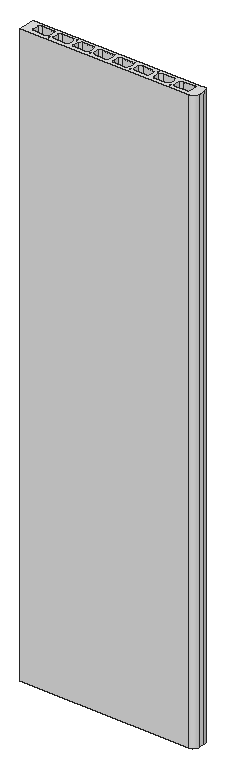
Revit family "ECP_MNFK-6060S6", category Generic Models, Revit 2022
Family settings
  Can host rebar = No
  Round Connector Dimension = Use Diameter
  Part Type = Normal
  Work Plane-Based = No
  Always vertical = Yes
  Cut with Voids When Loaded = Yes
  Maintain Annotation Orientation = No
  Shared = No
  Room Calculation Point = No
Parameters (values of type "ECP_MNFK-6060S6")
  長さ [instance] = 2000 mm
  穴表示 = yes
  材質 = 40Msr_ECP
  Default Elevation = 0 mm
  既存長さ = 610 mm
  幅 [instance] = 600 mm
  固定寸法 = 600 mm
  厚さ = 60 mm
  メースカット非表示 = yes
  メースカット [instance] = 既存長さ - 幅 - 10 mm  # 0 mm
  オースカット非表示 = no
  オースカット = 0 mm
Reference planes
  plane 1 "中心(正面/背面)": y = 0
  plane 2: z = 0
  plane 3 "中心(左/右)": x = 0
  plane 4: y = -30
  plane 5: y = 30
  plane 6: z = 2000
  plane 7: x = 600
Forms (mm)
  Extrusion 1, solid, material "40Msr_ECP" <- "材質", detail levels fine
    sketch origin (0, 0, 0) x (1, 0, 0) y (0, 1, 0)
      loop
        line (0, -28) -> (2, -30) -> (580, -30)
        arc (580, -30) -> (594.142, -24.142) -> (600, -10) r 20
        line (600, -10) -> (600, 10)
        arc (600, 10) -> (594.142, 24.142) -> (580, 30) r 20
        line (580, 30) -> (2, 30) -> (0, 28) -> (0, -28)
    from 0 to 2000
  Extrusion 2, void
    sketch origin (-50, 0, 0) x (1, 0, 0) y (0, 1, 0)
      loop
        line (650, -30) -> (660, -30) -> (660, 30) -> (650, 30) -> (650, -30)
    from 0 to 2000
  Extrusion 3, void
    sketch origin (-617, 0, 0) x (1, 0, 0) y (0, 1, 0)
      loop
        line (655, -17) -> (695, -17) -> (703, -9) -> (703, 9)
        arc (703, 9) -> (700.657, 14.657) -> (695, 17) r 8
        line (695, 17) -> (655, 17)
        arc (655, 17) -> (649.343, 14.657) -> (647, 9) r 8
        line (647, 9) -> (647, -9)
        arc (647, -9) -> (649.343, -14.657) -> (655, -17) r 8
      loop
        line (724, -17) -> (764, -17)
        arc (764, -17) -> (769.657, -14.657) -> (772, -9) r 8
        line (772, -9) -> (772, 9) -> (764, 17) -> (724, 17)
        arc (724, 17) -> (718.343, 14.657) -> (716, 9) r 8
        line (716, 9) -> (716, -9) -> (724, -17)
      loop
        line (793, -17) -> (833, -17) -> (841, -9) -> (841, 9)
        arc (841, 9) -> (838.657, 14.657) -> (833, 17) r 8
        line (833, 17) -> (793, 17) -> (785, 9) -> (785, -9)
        arc (785, -9) -> (787.343, -14.657) -> (793, -17) r 8
      loop
        line (862, -17) -> (902, -17)
        arc (902, -17) -> (907.657, -14.657) -> (910, -9) r 8
        line (910, -9) -> (910, 9)
        arc (910, 9) -> (907.657, 14.657) -> (902, 17) r 8
        line (902, 17) -> (862, 17)
        arc (862, 17) -> (856.343, 14.657) -> (854, 9) r 8
        line (854, 9) -> (854, -9) -> (862, -17)
      loop
        circle (709.5, -17) r 1.3
      loop
        circle (778.5, 17) r 1.3
      loop
        circle (847.5, -17) r 1.3
      loop
        circle (985.5, -17) r 1.3
      loop
        circle (1054.5, 17) r 1.3
      loop
        circle (1123.5, -17) r 1.3
      loop
        arc (931, 17) -> (925.343, 14.657) -> (923, 9) r 8
        line (923, 9) -> (923, -9)
        arc (923, -9) -> (925.343, -14.657) -> (931, -17) r 8
        line (931, -17) -> (971, -17) -> (979, -9) -> (979, 9)
        arc (979, 9) -> (976.657, 14.657) -> (971, 17) r 8
        line (971, 17) -> (931, 17)
      loop
        arc (1000, 17) -> (994.343, 14.657) -> (992, 9) r 8
        line (992, 9) -> (992, -9) -> (1000, -17) -> (1040, -17)
        arc (1040, -17) -> (1045.657, -14.657) -> (1048, -9) r 8
        line (1048, -9) -> (1048, 9) -> (1040, 17) -> (1000, 17)
      loop
        line (1069, 17) -> (1061, 9) -> (1061, -9)
        arc (1061, -9) -> (1063.343, -14.657) -> (1069, -17) r 8
        line (1069, -17) -> (1109, -17) -> (1117, -9) -> (1117, 9)
        arc (1117, 9) -> (1114.657, 14.657) -> (1109, 17) r 8
        line (1109, 17) -> (1069, 17)
      loop
        arc (1138, 17) -> (1132.343, 14.657) -> (1130, 9) r 8
        line (1130, 9) -> (1130, -9) -> (1138, -17) -> (1178, -17)
        arc (1178, -17) -> (1183.657, -14.657) -> (1186, -9) r 8
        line (1186, -9) -> (1186, 9)
        arc (1186, 9) -> (1183.657, 14.657) -> (1178, 17) r 8
        line (1178, 17) -> (1138, 17)
    from 0 to 2000
Cuts and joins
  Extrusion 2, Extrusion 3 cuts Extrusion 1
Lines and regions (mm)
  symbolic lines, style "ECPパネル", detail levels coarse+medium
    curve 1: line (0, 30, 0) -> (600, 30, 0)
    curve 2: line (0, -30, 0) -> (0, 30, 0)
    curve 3: line (600, -30, 0) -> (0, -30, 0)
    curve 4: line (600, 30, 0) -> (600, -30, 0)
    curve 5: line (0, 0, 0) -> (600, 0, 0)
    curve 6: line (0, 0, 2000) -> (0, 0, 0)
    curve 7: line (600, 0, 2000) -> (0, 0, 2000)
    curve 8: line (600, 0, 0) -> (600, 0, 2000)
    curve 9: line (0, -30, 2000) -> (0, 30, 2000)
    curve 10: line (0, -30, 0) -> (0, -30, 2000)
    curve 11: line (0, 30, 0) -> (0, -30, 0)
    curve 12: line (0, 30, 2000) -> (0, 30, 0)
  model lines, detail levels coarse+medium
    curve 13: line (0, 8, 0) -> (0, -8, 0)
Dimensions and locks
  "厚さ": plane 4 to plane 5
  "長さ": plane 6 to level
  equal spacing: plane 4, plane 1 "中心(正面/背面)", plane 5
  "既存長さ": plane 3 "中心(左/右)" to Extrusion 2
  "既存長さ": plane 3 "中心(左/右)" to Extrusion 2 sketch curve
  "長さ": cut or joined group of Extrusion 1, Extrusion 2, Extrusion 3 to level
  "長さ": Extrusion 2 to level
  "幅": cut or joined group of Extrusion 1, Extrusion 2, Extrusion 3 to curve 8
  "長さ": level to Extrusion 3
  "幅": plane 3 "中心(左/右)" to plane 7
  "メースカット": Extrusion 2 sketch curve to cut or joined group of Extrusion 1, Extrusion 2, Extrusion 3
  "固定寸法": plane 3 "中心(左/右)" to cut or joined group of Extrusion 1, Extrusion 2, Extrusion 3
  aligned and locked: level to plane 2
Automatic sketch dimensions
  curve 11 to level = 0 mm
  curve 11 to plane 4 = 0 mm
  curve 11 to plane 5 = 0 mm
  curve 10 to plane 6 = 0 mm
  curve 7 to plane 3 "中心(左/右)" = 0 mm
  curve 7 to plane 6 = 0 mm
  curve 8 to level = 0 mm
  Extrusion 1 sketch curve to plane 3 "中心(左/右)" = 0 mm
  plane 5 to Extrusion 1 sketch curve = 0 mm
  plane 4 to Extrusion 1 sketch curve = 0 mm
  plane 3 "中心(左/右)" to Extrusion 1 sketch curve = 2 mm  (x2)
  Extrusion 1 sketch curve to plane 4 = 2 mm
  plane 5 to Extrusion 1 sketch curve = 2 mm
  Extrusion 1 sketch curve to Extrusion 1 sketch curve = 578 mm
  Extrusion 1 sketch curve to Extrusion 1 sketch curve = 0 mm
  Extrusion 1 sketch curve to plane 1 "中心(正面/背面)" = 10 mm
  plane 1 "中心(正面/背面)" to Extrusion 3 sketch curve = 9 mm  (x11)
  plane 3 "中心(左/右)" to Extrusion 3 sketch curve = 30 mm
  Extrusion 3 sketch curve to Extrusion 3 sketch curve = 8 mm  (x24)
  Extrusion 3 sketch curve to Extrusion 3 sketch curve = 40 mm  (x8)
  Extrusion 3 sketch curve to Extrusion 3 sketch curve = 0 mm  (x8)
  Extrusion 3 sketch curve to Extrusion 3 sketch curve = 6.5 mm  (x10)
  Extrusion 3 sketch curve to Extrusion 3 sketch curve = 13 mm  (x3)
  plane 5 to Extrusion 3 sketch curve = 13 mm  (x5)
  Extrusion 3 sketch curve to plane 1 "中心(正面/背面)" = 9 mm  (x8)
  Extrusion 3 sketch curve to plane 4 = 13 mm  (x10)
  curve 1 to plane 3 "中心(左/右)" = 0 mm
  curve 13 to plane 3 "中心(左/右)" = 0 mm
  plane 4 to curve 4 = 0 mm
  curve 4 to plane 7 = 0 mm
  plane 5 to curve 1 = 0 mm
  plane 1 "中心(正面/背面)" to curve 13 = 8 mm
  curve 13 to plane 1 "中心(正面/背面)" = 8 mm
  plane 4 to Extrusion 2 sketch curve = 0 mm
  plane 5 to Extrusion 2 sketch curve = 0 mm
  radius of Extrusion 3 sketch curve = 1.3 mm  (x6)
